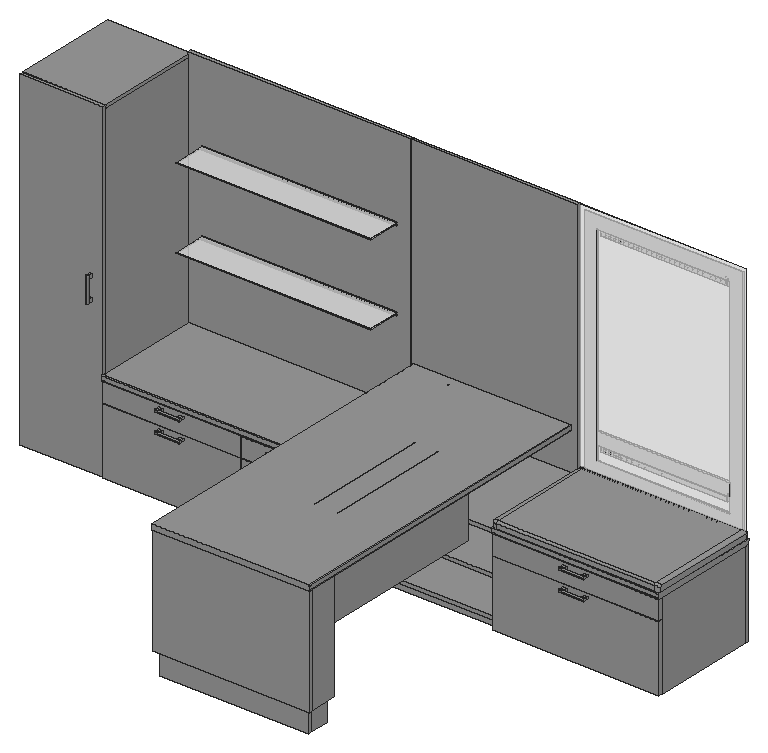
Revit family "JSI-Vision-Typical_Veneer-VSV135", category Furniture, Revit 2020 (continued)
Definition of nested family "JSI-Vision-Adj_Height_Peninsula_Desk-Credenza"
  Definition of nested family "Mechanism Credenza"
    Automatic sketch dimensions
      curve 15 to curve 2 = 0.07915"
      curve 8 to curve 15 = 0.00443"
      Extrusion 1 sketch curve to plane 3 "Center (Left/Right)" = 1.14892"
      Extrusion 1 sketch curve to Extrusion 1 sketch curve = 0.09843"  (x5)
      plane 3 "Center (Left/Right)" to Extrusion 1 sketch curve = 1.09518"  (x4)
      plane 1 "Center (Front/Back)" to Extrusion 1 sketch curve = 5.42127"
      Extrusion 1 sketch curve to Extrusion 1 sketch curve = 2.14567"
      Extrusion 3 sketch curve to Extrusion 3 sketch curve = 1/8"  (x8)
      Extrusion 4 sketch curve to Extrusion 4 sketch curve = 5/64"  (x3)
      Extrusion 4 sketch curve to Extrusion 4 sketch curve = 1.10195"
      Extrusion 5 sketch curve to plane 3 "Center (Left/Right)" = 3.08071"
      Extrusion 5 sketch curve to Extrusion 5 sketch curve = 5/64"  (x2)
      Extrusion 5 sketch curve to Extrusion 5 sketch curve = 0.07696"
      Extrusion 5 sketch curve to Extrusion 5 sketch curve = 1.10195"
      Extrusion 6 sketch curve to Extrusion 6 sketch curve = 0.00009"  (x2)
      plane 4 to Extrusion 6 sketch curve = 3.49813"  (x2)
      plane 4 to Extrusion 6 sketch curve = 1.34389"
      Extrusion 6 sketch curve to Extrusion 6 sketch curve = 0.0001"
      plane 4 to Extrusion 7 sketch curve = 2.11382"  (x2)
      Extrusion 7 sketch curve to Extrusion 7 sketch curve = 0.04181"  (x2)
      Extrusion 7 sketch curve to Extrusion 7 sketch curve = 0.03878"
      Extrusion 7 sketch curve to Extrusion 7 sketch curve = 1/4"  (x2)
      Extrusion 7 sketch curve to Extrusion 7 sketch curve = 0.35002"
      Extrusion 7 sketch curve to Extrusion 7 sketch curve = 0.37482"
      Extrusion 7 sketch curve to Extrusion 7 sketch curve = 0.4021"  (x2)
      Extrusion 8 sketch curve to Extrusion 8 sketch curve = 0.70334"  (x2)
      Extrusion 8 sketch curve to Extrusion 8 sketch curve = 0.43796"
      Extrusion 8 sketch curve to Extrusion 8 sketch curve = 0"  (x2)
      Extrusion 9 sketch curve to plane 3 "Center (Left/Right)" = 9.50324"  (x2)
      Extrusion 9 sketch curve to Extrusion 9 sketch curve = 0.22043"  (x3)
      Extrusion 9 sketch curve to Extrusion 9 sketch curve = 4.08461"  (x4)
      Extrusion 9 sketch curve to Extrusion 9 sketch curve = 0.41297"  (x4)
      plane 5 to Extrusion 9 sketch curve = 3.21457"
      plane 3 "Center (Left/Right)" to Extrusion 9 sketch curve = 4.04569"  (x2)
      Extrusion 9 sketch curve to Extrusion 9 sketch curve = 3/8"  (x2)
      plane 5 to Extrusion 9 sketch curve = 1.97963"
      Extrusion 9 sketch curve to Extrusion 9 sketch curve = 0.36454"
      Extrusion 9 sketch curve to Extrusion 9 sketch curve = 0.58497"
      Extrusion 9 sketch curve to Extrusion 9 sketch curve = 0.12394"
      curve 9 to curve 9 = 18.3248"
      curve 26 to curve 28 = 0.2678"
      curve 18 to curve 30 = 0.2678"
      curve 43 to curve 42 = 0.2883"
      curve 43 to curve 43 = 0.12467"
      curve 40 to curve 38 = 3/8"
      curve 33 to curve 34 = 0.101"
      curve 37 to curve 36 = 0.101"
  Definition of nested family "Top Grommet"
    Parameters (values of type "Top Grommet")
      Gromett Finish [instance] = none
      Default Elevation = 0"
    Reference planes (in)
      plane 1 "Center Front/Back": y = 0
      plane 2: z = 0
      plane 3 "Center Left/Right": x = 0
    Forms (in)
      Sweep 1, solid, material <- "Gromett Finish"
        path origin (0, 0, 0) x (1, 0, 0) y (0, 1, 0)
          loop
            line (-1.75, 0.6875) -> (-1.75, -0.6875)
            arc (-1.75, -0.6875) -> (-1.64016, -0.95267) -> (-1.375, -1.0625) r 0.375
            line (-1.375, -1.0625) -> (1.375, -1.0625)
            arc (1.375, -1.0625) -> (1.64016, -0.95267) -> (1.75, -0.6875) r 0.375
            line (1.75, -0.6875) -> (1.75, 0.6875)
            arc (1.75, 0.6875) -> (1.64016, 0.95267) -> (1.375, 1.0625) r 0.375
            line (1.375, 1.0625) -> (-1.375, 1.0625)
            arc (-1.375, 1.0625) -> (-1.64016, 0.95267) -> (-1.75, 0.6875) r 0.375
        profile origin (-1.75, 0, 0) x (1, 0, 0) y (0, 0, 1)
          loop
            line (0.1875, 0) -> (0.1875, 0.03125) -> (0.08268, 0.03125)
            arc (0.08268, 0.03125) -> (0.03849, 0.02318) -> (0, 0) r 0.125
            line (0, 0) -> (0.1875, 0)
      Extrusion 2, solid, material <- "Gromett Finish"
        sketch origin (0, 0, 0) x (1, 0, 0) y (0, 1, 0)
          loop
            line (0.59375, 0.40625) -> (-0.59375, 0.40625)
            arc (-0.59375, 0.40625) -> (-0.77053, 0.33303) -> (-0.84375, 0.15625) r 0.25
            line (-0.84375, 0.15625) -> (-0.84375, -0.15625)
            arc (-0.84375, -0.15625) -> (-0.77053, -0.33303) -> (-0.59375, -0.40625) r 0.25
            line (-0.59375, -0.40625) -> (0.59375, -0.40625)
            arc (0.59375, -0.40625) -> (0.77053, -0.33303) -> (0.84375, -0.15625) r 0.25
            line (0.84375, -0.15625) -> (0.84375, 0.15625)
            arc (0.84375, 0.15625) -> (0.77053, 0.33303) -> (0.59375, 0.40625) r 0.25
          loop
            line (1.375, 0.85938) -> (-1.375, 0.85938)
            arc (-1.375, 0.85938) -> (-1.49653, 0.80903) -> (-1.54687, 0.6875) r 0.17188
            line (-1.54687, 0.6875) -> (-1.54687, -0.6875)
            arc (-1.54687, -0.6875) -> (-1.49653, -0.80903) -> (-1.375, -0.85937) r 0.17187
            line (-1.375, -0.85937) -> (1.375, -0.85937)
            arc (1.375, -0.85937) -> (1.49653, -0.80903) -> (1.54687, -0.6875) r 0.17188
            line (1.54687, -0.6875) -> (1.54687, 0.6875)
            arc (1.54687, 0.6875) -> (1.49653, 0.80903) -> (1.375, 0.85938) r 0.17188
        from -0.09375 to 0.03125
    Lines and regions (in)
      symbolic lines
        curve 1: line (-1.75, 0.6875, 0) -> (-1.75, -0.6875, 0)
        curve 2: arc (-1.75, -0.6875, 0) -> (-1.64016, -0.95267, 0) -> (-1.375, -1.0625, 0) r 0.375
        curve 3: line (-1.375, -1.0625, 0) -> (1.375, -1.0625, 0)
        curve 4: arc (1.375, -1.0625, 0) -> (1.64016, -0.95267, 0) -> (1.75, -0.6875, 0) r 0.375
        curve 5: line (1.75, -0.6875, 0) -> (1.75, 0.6875, 0)
        curve 6: arc (1.75, 0.6875, 0) -> (1.64016, 0.95267, 0) -> (1.375, 1.0625, 0) r 0.375
        curve 7: line (1.375, 1.0625, 0) -> (-1.375, 1.0625, 0)
        curve 8: arc (-1.375, 1.0625, 0) -> (-1.64016, 0.95267, 0) -> (-1.75, 0.6875, 0) r 0.375
        curve 9: line (0.59375, 0.40625, 0) -> (-0.59375, 0.40625, 0)
        curve 10: arc (-0.59375, 0.40625, 0) -> (-0.77053, 0.33303, 0) -> (-0.84375, 0.15625, 0) r 0.25
        curve 11: line (-0.84375, 0.15625, 0) -> (-0.84375, -0.15625, 0)
        curve 12: arc (-0.84375, -0.15625, 0) -> (-0.77053, -0.33303, 0) -> (-0.59375, -0.40625, 0) r 0.25
        curve 13: line (-0.59375, -0.40625, 0) -> (0.59375, -0.40625, 0)
        curve 14: arc (0.59375, -0.40625, 0) -> (0.77053, -0.33303, 0) -> (0.84375, -0.15625, 0) r 0.25
        curve 15: line (0.84375, -0.15625, 0) -> (0.84375, 0.15625, 0)
        curve 16: arc (0.84375, 0.15625, 0) -> (0.77053, 0.33303, 0) -> (0.59375, 0.40625, 0) r 0.25
    Dimensions and locks (in)
      aligned and locked: level to plane 2
Definition of nested family "JSI-Vision-Wall_Panel_Laminate"
  Parameters (values of type "Type Catalog")
    Width = 60"
    URL = "www.jsifurniture.com"
    Type Comments = ""
    Series = "Vision Casegoods"  # constant formula
    Model = "Type Catalog"
    Material = ""
    Manufacturer = "JSI"  # constant formula
    Keynote = "12500"  # constant formula
    SVX Enviromental Website = "http://www.jsifurniture.com/jsi_sustainability_intro.php"
    Height = 25"
    Hardware Finish = none
    Description = "Type Catalog"
    Depth = 15/16"
    Panel Finish = none
    Default Elevation = 0"
    Assembly Code = "E2020200"
  Reference planes (in)
    plane 1 "Center Front/Back": y = 0
    plane 2: z = 0
    plane 3 "Center Left/Right": x = 0
    plane 4: z = 0
    plane 5: z = 54.5
    plane 6: x = 60
    plane 7: y = -0.9375
    plane 8: z = 29.5
  Forms (in)
    Extrusion 1, solid, material <- "Panel Finish"
      sketch origin (0, -0.25, 0) x (1, 0, 0) y (0, 0, 1)
        loop
          line (0, 54.5) -> (0, 29.5) -> (60, 29.5) -> (60, 54.5) -> (0, 54.5)
      from 0.03002 to 0.6875
    Extrusion 2, solid, material <- "Hardware Finish"
      sketch origin (0, 0, 0) x (0, 1, 0) y (0, 0, 1)
        loop
          line (0, 36.40108) -> (0, 39.0625) -> (-0.28002, 39.0625) -> (-0.28002, 36.40108) -> (-0.20128, 36.40108) -> (-0.20128, 36.95226) -> (-0.07874, 36.95226) -> (-0.07874, 36.40108) -> (0, 36.40108)
      from 32.33858 to 3.66142
    Extrusion 3, solid, material <- "Hardware Finish"
      sketch origin (0, 0, 0) x (0, 1, 0) y (0, 0, 1)
        loop
          line (-0.1808, 36.95191) -> (-0.1808, 36.15) -> (-0.0558, 36.15) -> (-0.0558, 35.15) -> (0.0192, 35.15) -> (0.0192, 35.23062)
          arc (0.0192, 35.23062) -> (-0.01092, 35.26074) -> (0.0192, 35.29087) r 0.03012
          line (0.0192, 35.29087) -> (0.0192, 35.35562)
          arc (0.0192, 35.35562) -> (-0.01092, 35.38574) -> (0.0192, 35.41587) r 0.03012
          line (0.0192, 35.41587) -> (0.0192, 35.48062)
          arc (0.0192, 35.48062) -> (-0.01092, 35.51074) -> (0.0192, 35.54087) r 0.03012
          line (0.0192, 35.54087) -> (0.0192, 35.60562)
          arc (0.0192, 35.60562) -> (-0.01092, 35.63574) -> (0.0192, 35.66587) r 0.03012
          line (0.0192, 35.66587) -> (0.0192, 35.73062)
          arc (0.0192, 35.73062) -> (-0.01092, 35.76074) -> (0.0192, 35.79087) r 0.03012
          line (0.0192, 35.79087) -> (0.0192, 35.85562)
          arc (0.0192, 35.85562) -> (-0.01092, 35.88574) -> (0.0192, 35.91587) r 0.03012
          line (0.0192, 35.91587) -> (0.0192, 35.98062)
          arc (0.0192, 35.98062) -> (-0.01092, 36.01074) -> (0.0192, 36.04087) r 0.03012
          line (0.0192, 36.04087) -> (0.0192, 36.4) -> (-0.0858, 36.4) -> (-0.0858, 36.95191) -> (-0.1808, 36.95191)
        loop
          line (-0.1808, 51.38941) -> (-0.1808, 50.5875) -> (-0.0558, 50.5875) -> (-0.0558, 49.5875) -> (0.0192, 49.5875) -> (0.0192, 49.66812)
          arc (0.0192, 49.66812) -> (-0.01092, 49.69824) -> (0.0192, 49.72837) r 0.03012
          line (0.0192, 49.72837) -> (0.0192, 49.79312)
          arc (0.0192, 49.79312) -> (-0.01092, 49.82324) -> (0.0192, 49.85337) r 0.03012
          line (0.0192, 49.85337) -> (0.0192, 49.91812)
          arc (0.0192, 49.91812) -> (-0.01092, 49.94824) -> (0.0192, 49.97837) r 0.03012
          line (0.0192, 49.97837) -> (0.0192, 50.04312)
          arc (0.0192, 50.04312) -> (-0.01092, 50.07324) -> (0.0192, 50.10337) r 0.03012
          line (0.0192, 50.10337) -> (0.0192, 50.16812)
          arc (0.0192, 50.16812) -> (-0.01092, 50.19824) -> (0.0192, 50.22837) r 0.03012
          line (0.0192, 50.22837) -> (0.0192, 50.29312)
          arc (0.0192, 50.29312) -> (-0.01092, 50.32324) -> (0.0192, 50.35337) r 0.03012
          line (0.0192, 50.35337) -> (0.0192, 50.41812)
          arc (0.0192, 50.41812) -> (-0.01092, 50.44824) -> (0.0192, 50.47837) r 0.03012
          line (0.0192, 50.47837) -> (0.0192, 50.8375) -> (-0.0858, 50.8375) -> (-0.0858, 51.38941) -> (-0.1808, 51.38941)
      from 55.715 to 4.285
  Lines and regions (in)
    symbolic lines
      curve 1: line (0, -0.28002, 0) -> (60, -0.28002, 0)
      curve 2: line (0, -0.9375, 0) -> (0, -0.28002, 0)
      curve 3: line (60, -0.9375, 0) -> (0, -0.9375, 0)
      curve 4: line (60, -0.28002, 0) -> (60, -0.9375, 0)
      curve 5: line (1, -0.28002, 0) -> (1, 0, 0)
      curve 6: line (1, 0, 0) -> (59, 0, 0)
      curve 7: line (59, 0, 0) -> (59, -0.28002, 0)
  Dimensions and locks (in)
    "Width": plane 3 "Center Left/Right" to plane 6
    "Depth": plane 1 "Center Front/Back" to plane 7
    locked: plane 1 "Center Front/Back" to Extrusion 1 at 0.28002
    locked: plane 8 to plane 4 at 29.5
    "Height": plane 5 to plane 8
    Extrusion 2 sketch curve to Extrusion 2 sketch curve to Extrusion 2 sketch curve to plane 8 = 2.11024" locked, 0.55118" locked, 6.90108" locked
    plane 8 to Extrusion 3 sketch curve to Extrusion 3 sketch curve to Extrusion 3 sketch curve to Extrusion 3 sketch curve to Extrusion 3 sketch curve to Extrusion 3 sketch curve to Extrusion 3 sketch curve to Extrusion 3 sketch curve to Extrusion 3 sketch curve to Extrusion 3 sketch curve to Extrusion 3 sketch curve = 5.65" locked, 0.11074" locked, 1/8" locked, 1/8" locked, 1/8" locked, 1/8" locked, 1/8" locked, 1/8" locked, 0.13926" locked, 1/4" locked, 0.55191" locked
    Extrusion 3 sketch curve to Extrusion 3 sketch curve to Extrusion 3 sketch curve to Extrusion 3 sketch curve to Extrusion 3 sketch curve to Extrusion 3 sketch curve to Extrusion 3 sketch curve to Extrusion 3 sketch curve to Extrusion 3 sketch curve to Extrusion 3 sketch curve to Extrusion 3 sketch curve to plane 5 = 0.11074" locked, 1/8" locked, 1/8" locked, 1/8" locked, 1/8" locked, 1/8" locked, 1/8" locked, 0.13926" locked, 1/4" locked, 0.55191" locked, 3.11059" locked
    locked: plane 3 "Center Left/Right" to Extrusion 3 at 4.285
    locked: plane 6 to Extrusion 3 at 4.285
    aligned and locked: level to plane 2
    aligned and locked: plane 3 "Center Left/Right" to Extrusion 1 sketch curve
    aligned and locked: plane 6 to Extrusion 1 sketch curve
    aligned and locked: Extrusion 1 to plane 7
    aligned and locked: Extrusion 1 to plane 6
    aligned and locked: Extrusion 1 to plane 3 "Center Left/Right"
    aligned and locked: Extrusion 1 to plane 8
    aligned and locked: Extrusion 2 sketch curve to Extrusion 2 sketch curve
    aligned and locked: curve 1 to Extrusion 1
    aligned and locked: curve 2 to Extrusion 1
    aligned and locked: curve 3 to Extrusion 1
    aligned and locked: curve 4 to Extrusion 1
  Automatic sketch dimensions
    Extrusion 1 sketch curve to plane 8 = 0"
    Extrusion 1 sketch curve to plane 5 = 0"
    Extrusion 2 sketch curve to plane 1 "Center Front/Back" = 0"
    plane 1 "Center Front/Back" to Extrusion 2 sketch curve = 0.07874"
    Extrusion 2 sketch curve to Extrusion 2 sketch curve = 0.12254"
    Extrusion 2 sketch curve to Extrusion 2 sketch curve = 0.07874"
    plane 1 "Center Front/Back" to Extrusion 3 sketch curve = 0.1808"  (x2)
    plane 1 "Center Front/Back" to Extrusion 3 sketch curve = 0.0858"  (x2)
    plane 1 "Center Front/Back" to Extrusion 3 sketch curve = 0.0558"  (x2)
    Extrusion 3 sketch curve to plane 1 "Center Front/Back" = 0.0192"  (x2)
    Extrusion 3 sketch curve to Extrusion 3 sketch curve = 0.03012"  (x14)
    plane 1 "Center Front/Back" to curve 6 = 0"
    plane 3 "Center Left/Right" to curve 6 = 1"
    curve 7 to curve 1 = 1"
Definition of nested family "JSI-Vision-Filler_Back_Panel_for_Bench_Height"
  Parameters (values of type "VSVB0428MBK, Filler Back Panel for Bench Height 28"H, 4"W")
    Width = 4"
    URL = "www.jsifurniture.com"
    Type Comments = ""
    Series = "Vision Casegoods"  # constant formula
    Back Finish = none
    Model = "VSVB0428MBK"
    Material = ""
    Manufacturer = "JSI"  # constant formula
    Keynote = "12500"  # constant formula
    JSI Enviromental Website = "http://www.jsifurniture.com/jsi_sustainability_intro.php"
    Height = 28"
    Description = "Filler Back Panel Venner for Bench Height 3/4\"D x 18 3/4\"H x 4\"W"
    Depth = 3/4"
    Default Elevation = 0"
    Assembly Code = "E2020200"
  Types (4): name | Model | Height | Description
    VSTB0419MBK, Filler Back Panel for Bench Height 18 3/4"H, 4"W | "VSTB0419MBK" | 18 3/4" | "Filler Back Panel Laminate for Bench Height 3/4\"D x 18 3/4\"H x 4\"W"
    VSVB0419MBK, Filler Back Panel for Bench Height 18 3/4"H, 4"W | "VSVB0419MBK" | 18 3/4" | "Filler Back Panel Veneer for Bench Height 3/4\"D x 18 3/4\"H x 4\"W"
    VSTB0428MBK, Filler Back Panel for Bench Height 28"H, 4"W | "VSTB0428MBK" | 28" | "Filler Back Panel Laminate for Bench Height 3/4\"D x 18 3/4\"H x 4\"W"
    VSVB0428MBK, Filler Back Panel for Bench Height 28"H, 4"W | "VSVB0428MBK" | 28" | "Filler Back Panel Venner for Bench Height 3/4\"D x 18 3/4\"H x 4\"W"
  Reference planes (in)
    plane 1 "Center Front/Back": y = 0
    plane 2: z = 0
    plane 3 "Center Left/Right": x = 0
    plane 4: z = 0
    plane 5: x = 4
    plane 6: z = 28
    plane 7: y = -0.75
  Forms (in)
    Extrusion 1, solid, material <- "Back Finish"
      sketch origin (0, 1.5625, 0) x (1, 0, 0) y (0, 1, 0)
        loop
          line (0, -1.5625) -> (0, -2.3125) -> (4, -2.3125) -> (4, -1.5625) -> (0, -1.5625)
      from 0 to 28
  Lines and regions (in)
    symbolic lines
      curve 1: line (0, 0, 0) -> (4, 0, 0)
      curve 2: line (0, -0.75, 0) -> (0, 0, 0)
      curve 3: line (4, -0.75, 0) -> (0, -0.75, 0)
      curve 4: line (4, 0, 0) -> (4, -0.75, 0)
  Dimensions and locks (in)
    "Height": plane 6 to plane 4
    "Depth": plane 7 to plane 1 "Center Front/Back"
    "Width": plane 3 "Center Left/Right" to plane 5
    aligned and locked: level to plane 2
    aligned and locked: plane 6 to Extrusion 1
    aligned and locked: Extrusion 1 to plane 7
    aligned and locked: Extrusion 1 to plane 3 "Center Left/Right"
    aligned and locked: Extrusion 1 to plane 4
    aligned and locked: plane 5 to Extrusion 1
    aligned and locked: curve 1 to Extrusion 1
    aligned and locked: curve 2 to Extrusion 1
    aligned and locked: curve 3 to Extrusion 1
    aligned and locked: curve 4 to Extrusion 1
    aligned and locked: Extrusion 1 to plane 1 "Center Front/Back"
  Automatic sketch dimensions
    Extrusion 1 sketch curve to plane 3 "Center Left/Right" = 0"
    Extrusion 1 sketch curve to plane 5 = 0"
    Extrusion 1 sketch curve to plane 7 = 0"
    Extrusion 1 sketch curve to Extrusion 1 sketch curve = 3/4"
